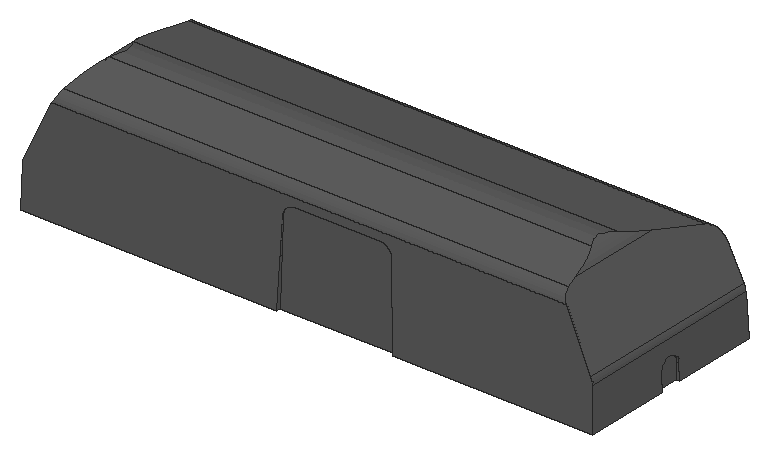
Revit family "Access_Controller-Vicon-VAX-Control_Box", category Security Devices, host Face, Revit 2014
Parameters (values of type "VAX-1D-REX")
  Width = 10.23622"  # constant formula
  Weight = 0.90 lbf
  Watts = 20 W
  Voltage Range = "PoE, 12-24VDC"
  Voltage = 12 V
  URL = "http://www.vicon-security.com"
  Product Page URL = "http://www.vicon-security.com/ad9dfb95-f7e1-4325-9af5-f3e19e84248f/products-access-control-sw-hw-display.htm"
  Product Documentation Link = "http://www.vicon-security.com/Collateral/Documents/English-US/Products/specifications/AccessControl/VAX-DoorControl_datasheet.pdf"
  Power Factor = 1
  Operating Temperature = "32 to 122 Degrees Fahrenheit"
  Operating Humidity = "10% to 90% relative, non-condensing"
  Number of Poles = 1
  Model = "VAX-1D-REX"
  Manufacturer = "Vicon Industries"
  Load Classification = Power
  Housing Material = Metal - Vicon - Cast Aluminum - Black
  Height = 3.46457"  # constant formula
  Description = "Vicon Single Door Access Control Box with integrated PIR/REX"
  Depth = 2.33465"  # constant formula
  Default Elevation = 48"
  Connector Type = "802.3af PoE/PoE+"
  Connector Description = "Connector for Electrical Power"
  Assembly Code = "E1010110"
  Apparent Load = Watts  # 20 VA
Types (4): name | Operating Humidity | Model | Description
  VAX-1D-REX | "10% to 90% relative, non-condensing" | "VAX-1D-REX" | "Vicon Single Door Access Control Box with integrated PIR/REX"
  VAX-2D | "10% to 90% relative humidity, non-condensing" | "VAX-2D" | "Vicon Two Door Access Control Box without integrated PIR/REX"
  VAX-2D-REX | "10% to 90% relative, non-condensing" | "VAX-2D-REX" | "Vicon Two Door Access Control Box with integrated PIR/REX"
  VAX-1D | "10% to 90% relative, non-condensing" | "VAX-1D" | "Vicon Single Door Access Control Box without integrated PIR/REX"
Reference planes (in)
  plane 1 "Center (Front/Back)": y = 0
  plane 2: z = 0
  plane 3 "Center (Left/Right)": x = 0
  plane 4: x = -5.11811
  plane 5: x = 5.11811
  plane 6: z = 2.33465
  plane 7: y = 1.73228
  plane 8: y = -1.73228
  plane 9: x = 0.02756
  plane 10: z = 1.49606
  plane 11: x = 5.04478
  plane 12: x = -5.04478
Forms (in)
  Extrusion 1, solid, material "Metal - Vicon - Cast Aluminum - Black" <- "Housing Material", detail levels medium+fine
    sketch origin (0, 0, 0) x (0, 1, 0) y (0, 0, 1)
      loop
        line (1.73228, 0) -> (1.68027, 1.48949)
        arc (1.68027, 1.48949) -> (1.59042, 1.69894) -> (1.39913, 1.82282) r 0.39137
        line (1.39913, 1.82282) -> (-0.18711, 2.27767)
        arc (-0.18711, 2.27767) -> (-0.4664, 2.32839) -> (-0.74803, 2.29288) r 0.93403
        line (-0.74803, 2.29288) -> (-1.51358, 2.04414)
        arc (-1.51358, 2.04414) -> (-1.61653, 1.97605) -> (-1.66979, 1.86469) r 0.23123
        line (-1.66979, 1.86469) -> (-1.73228, 0) -> (1.73228, 0)
    from -5.11811 to 5.11811
  Extrusion 2, void
    sketch origin (0, 0, 0.01845) x (1, 0, 0) y (0, 0, 1)
      loop
        arc (-4.47697, 2.09063) -> (-4.34598, 2.24674) -> (-4.15447, 2.31644) r 0.3937
        line (-4.15447, 2.31644) -> (-4.15447, 2.67411) -> (-5.20626, 2.67411) -> (-5.20626, -0.04141) -> (-5.11131, -0.04141) -> (-5.08412, 0.73715)
        arc (-5.08412, 0.73715) -> (-5.07402, 0.80072) -> (-5.05052, 0.86065) r 0.29846
        line (-5.05052, 0.86065) -> (-4.47697, 2.09063)
      loop
        line (4.47697, 2.09063) -> (5.05052, 0.86065)
        arc (5.05052, 0.86065) -> (5.07402, 0.80072) -> (5.08412, 0.73715) r 0.29846
        line (5.08412, 0.73715) -> (5.11131, -0.04141) -> (5.20626, -0.04141) -> (5.20626, 2.67411) -> (4.15447, 2.67411) -> (4.15447, 2.31644)
        arc (4.15447, 2.31644) -> (4.34598, 2.24674) -> (4.47697, 2.09063) r 0.3937
    from -1.73228 to 1.73228
  Extrusion 3, void
    sketch origin (0, 0, 0) x (1, 0, 0) y (0, 0, 1)
      loop
        line (-3.2921, 0) -> (-3.23159, 0)
        arc (-3.23159, 0) -> (-3.22753, 0.33594) -> (-3.24534, 0.67143) r 5.15902
        line (-3.24534, 0.67143) -> (-3.27835, 0.67143)
        arc (-3.27835, 0.67143) -> (-3.29616, 0.33594) -> (-3.2921, 0) r 5.15902
      loop
        line (-3.14742, 0) -> (-3.0869, 0)
        arc (-3.0869, 0) -> (-3.08284, 0.33594) -> (-3.10066, 0.67143) r 5.15902
        line (-3.10066, 0.67143) -> (-3.13366, 0.67143)
        arc (-3.13366, 0.67143) -> (-3.15148, 0.33594) -> (-3.14742, 0) r 5.15902
      loop
        line (-3.00658, 0) -> (-2.94606, 0)
        arc (-2.94606, 0) -> (-2.942, 0.33594) -> (-2.95982, 0.67143) r 5.15902
        line (-2.95982, 0.67143) -> (-2.99282, 0.67143)
        arc (-2.99282, 0.67143) -> (-3.01064, 0.33594) -> (-3.00658, 0) r 5.15902
      loop
        line (-2.86189, 0) -> (-2.80138, 0)
        arc (-2.80138, 0) -> (-2.79732, 0.33594) -> (-2.81513, 0.67143) r 5.15902
        line (-2.81513, 0.67143) -> (-2.84814, 0.67143)
        arc (-2.84814, 0.67143) -> (-2.86595, 0.33594) -> (-2.86189, 0) r 5.15902
      loop
        arc (3.2921, 0) -> (3.29616, 0.33594) -> (3.27835, 0.67143) r 5.15902
        line (3.27835, 0.67143) -> (3.24534, 0.67143)
        arc (3.24534, 0.67143) -> (3.22753, 0.33594) -> (3.23159, 0) r 5.15902
        line (3.23159, 0) -> (3.2921, 0)
      loop
        arc (3.14742, 0) -> (3.15148, 0.33594) -> (3.13366, 0.67143) r 5.15902
        line (3.13366, 0.67143) -> (3.10066, 0.67143)
        arc (3.10066, 0.67143) -> (3.08284, 0.33594) -> (3.0869, 0) r 5.15902
        line (3.0869, 0) -> (3.14742, 0)
      loop
        arc (3.00658, 0) -> (3.01064, 0.33594) -> (2.99282, 0.67143) r 5.15902
        line (2.99282, 0.67143) -> (2.95982, 0.67143)
        arc (2.95982, 0.67143) -> (2.942, 0.33594) -> (2.94606, 0) r 5.15902
        line (2.94606, 0) -> (3.00658, 0)
      loop
        arc (2.86189, 0) -> (2.86595, 0.33594) -> (2.84814, 0.67143) r 5.15902
        line (2.84814, 0.67143) -> (2.81513, 0.67143)
        arc (2.81513, 0.67143) -> (2.79732, 0.33594) -> (2.80138, 0) r 5.15902
        line (2.80138, 0) -> (2.86189, 0)
    from -2.06598 to -1.65796
  Extrusion 4, void
    sketch origin (0, 0, 0) x (0, 1, 0) y (0, 0, 1)
      loop
        line (0.20416, 0) -> (0.20416, 0.28481)
        arc (0.20416, 0.28481) -> (0, 0.48898) -> (-0.20416, 0.28481) r 0.20416
        line (-0.20416, 0.28481) -> (-0.20416, 0) -> (0.20416, 0)
    from 5.04478 to 5.11811
  Extrusion 5, void
    sketch origin (0, 0, 0) x (0, 1, 0) y (0, 0, -1)
      loop
        line (0.20416, 0) -> (-0.20416, 0) -> (-0.20416, -0.28481)
        arc (-0.20416, -0.28481) -> (0, -0.48898) -> (0.20416, -0.28481) r 0.20416
        line (0.20416, -0.28481) -> (0.20416, 0)
    from 5.04478 to 5.11811
  Extrusion 6, solid, material "Metal - Vicon - Cast Aluminum - Black" <- "Housing Material", detail levels coarse
    sketch origin (0, 0, 0) x (1, 0, 0) y (0, 0, 1)
      loop
        line (-5.11811, 2.33465) -> (-5.11811, 0) -> (5.11811, 0) -> (5.11811, 2.33465) -> (-5.11811, 2.33465)
    from -1.73228 to 1.73228
  Extrusion 7, void
    sketch origin (0, 0, 0) x (1, 0, 0) y (0, 0, 1)
      loop
        line (-0.52485, 0) -> (1.53937, 0) -> (1.48736, 1.48949)
        arc (1.48736, 1.48949) -> (1.41983, 1.65254) -> (1.25678, 1.72007) r 0.23057
        line (1.25678, 1.72007) -> (-0.24227, 1.72007)
        arc (-0.24227, 1.72007) -> (-0.40531, 1.65254) -> (-0.47284, 1.48949) r 0.23057
        line (-0.47284, 1.48949) -> (-0.52485, 0)
    from 1.67014 to 1.73228
Cuts and joins
  Extrusion 2, Extrusion 3, Extrusion 4, Extrusion 5, Extrusion 7 cuts Extrusion 1
Lines and regions (in)
  Masking region 1, detail levels coarse
    outline origin (0, 0, 0) x (1, 0, 0) y (0, 0, 1)
      loop
        line (5.11811, 2.33465) -> (-5.11811, 2.33465) -> (-5.11811, 0) -> (5.11811, 0) -> (5.11811, 2.33465)
  Masking region 2, detail levels medium+fine
    outline origin (0, 0, 0) x (1, 0, 0) y (0, 0, 1)
      loop
        arc (5.08412, 0.7556) -> (5.07402, 0.81918) -> (5.05052, 0.87911) r 0.29846
        line (5.05052, 0.87911) -> (4.47697, 2.10908)
        arc (4.47697, 2.10908) -> (4.34711, 2.2644) -> (4.15724, 2.33465) r 0.3937
        line (4.15724, 2.33465) -> (-4.15724, 2.33465)
        arc (-4.15724, 2.33465) -> (-4.34711, 2.2644) -> (-4.47697, 2.10908) r 0.3937
        line (-4.47697, 2.10908) -> (-5.05052, 0.87911)
        arc (-5.05052, 0.87911) -> (-5.07402, 0.81918) -> (-5.08412, 0.7556) r 0.29846
        line (-5.08412, 0.7556) -> (-5.11051, 0) -> (5.11051, 0) -> (5.08412, 0.7556)
  model lines, style "Housing", detail levels medium+fine
    curve 1: circle (0, -1.67014, 1.49606) r 0.21555 normal (0, -1, 0)
    curve 2: circle (0, -1.67014, 1.49606) r 0.20675 normal (0, -1, 0)
    curve 3: circle (1.16763, -1.67014, 1.49606) r 0.13668 normal (0, -1, 0)
    curve 4: circle (1.16763, -1.67014, 1.49606) r 0.1273 normal (0, -1, 0)
    curve 5: circle (0.81613, -1.67014, 1.49606) r 0.13668 normal (0, -1, 0)
    curve 6: circle (0.81613, -1.67014, 1.49606) r 0.1273 normal (0, -1, 0)
    curve 7: line (0.79948, -1.67014, 0.93012) -> (1.19318, -1.67014, 0.93012)
    curve 8: arc (1.19318, -1.67014, 0.93012) -> (1.24028, -1.67014, 0.88302) -> (1.19318, -1.67014, 0.83592) r 0.0471
    curve 9: line (0.79948, -1.67014, 0.83592) -> (1.19318, -1.67014, 0.83592)
    curve 10: arc (0.79948, -1.67014, 0.93012) -> (0.75238, -1.67014, 0.88302) -> (0.79948, -1.67014, 0.83592) r 0.0471
    curve 11: line (0.79948, -1.67014, 0.7909) -> (1.19318, -1.67014, 0.7909)
    curve 12: arc (1.19318, -1.67014, 0.7909) -> (1.24028, -1.67014, 0.74379) -> (1.19318, -1.67014, 0.69669) r 0.0471
    curve 13: line (0.79948, -1.67014, 0.69669) -> (1.19318, -1.67014, 0.69669)
    curve 14: arc (0.79948, -1.67014, 0.7909) -> (0.75238, -1.67014, 0.74379) -> (0.79948, -1.67014, 0.69669) r 0.0471
    curve 15: line (0.79948, -1.67014, 0.65172) -> (1.19318, -1.67014, 0.65172)
    curve 16: arc (1.19318, -1.67014, 0.65172) -> (1.24028, -1.67014, 0.60462) -> (1.19318, -1.67014, 0.55752) r 0.0471
    curve 17: line (0.79948, -1.67014, 0.55752) -> (1.19318, -1.67014, 0.55752)
    curve 18: arc (0.79948, -1.67014, 0.65172) -> (0.75238, -1.67014, 0.60462) -> (0.79948, -1.67014, 0.55752) r 0.0471
    curve 19: line (-5.04478, 0.11811, 0.28353) -> (-5.04478, -0.11811, 0.28353)
    curve 20: line (-5.04478, 0, 0.40164) -> (-5.04478, 0, 0.16542)
    curve 21: circle (-5.04478, 0, 0.28353) r 0.1851 normal (-1, 0, 0)
    curve 22: line (5.04478, 0, 0.40164) -> (5.04478, 0, 0.16542)
    curve 23: line (5.04478, 0.15133, 0.28353) -> (5.04478, -0.15133, 0.28353)
    curve 24: circle (5.04478, 0, 0.28353) r 0.1851 normal (-1, 0, 0)
  symbolic lines, style "Housing", detail levels fine
    curve 25: arc (3.2921, 0, 0) -> (3.29616, 0, 0.33594) -> (3.27835, 0, 0.67143) r 5.15902
    curve 26: line (3.27835, 0, 0.67143) -> (3.24534, 0, 0.67143)
    curve 27: arc (3.24534, 0, 0.67143) -> (3.22753, 0, 0.33594) -> (3.23159, 0, 0) r 5.15902
    curve 28: arc (3.14742, 0, 0) -> (3.15148, 0, 0.33594) -> (3.13366, 0, 0.67143) r 5.15902
    curve 29: line (3.13366, 0, 0.67143) -> (3.10066, 0, 0.67143)
    curve 30: arc (3.10066, 0, 0.67143) -> (3.08284, 0, 0.33594) -> (3.0869, 0, 0) r 5.15902
    curve 31: arc (3.00658, 0, 0) -> (3.01064, 0, 0.33594) -> (2.99282, 0, 0.67143) r 5.15902
    curve 32: line (2.99282, 0, 0.67143) -> (2.95982, 0, 0.67143)
    curve 33: arc (2.95982, 0, 0.67143) -> (2.942, 0, 0.33594) -> (2.94606, 0, 0) r 5.15902
    curve 34: arc (2.86189, 0, 0) -> (2.86595, 0, 0.33594) -> (2.84814, 0, 0.67143) r 5.15902
    curve 35: line (2.84814, 0, 0.67143) -> (2.81513, 0, 0.67143)
    curve 36: arc (2.81513, 0, 0.67143) -> (2.79732, 0, 0.33594) -> (2.80138, 0, 0) r 5.15902
    curve 37: arc (-2.80138, 0, 0) -> (-2.79732, 0, 0.33594) -> (-2.81513, 0, 0.67143) r 5.15902
    curve 38: arc (-2.84814, 0, 0.67143) -> (-2.86595, 0, 0.33594) -> (-2.86189, 0, 0) r 5.15902
    curve 39: line (-2.81513, 0, 0.67143) -> (-2.84814, 0, 0.67143)
    curve 40: arc (-2.94606, 0, 0) -> (-2.942, 0, 0.33594) -> (-2.95982, 0, 0.67143) r 5.15902
    curve 41: line (-2.95982, 0, 0.67143) -> (-2.99282, 0, 0.67143)
    curve 42: arc (-2.99282, 0, 0.67143) -> (-3.01064, 0, 0.33594) -> (-3.00658, 0, 0) r 5.15902
    curve 43: arc (-3.0869, 0, 0) -> (-3.08284, 0, 0.33594) -> (-3.10066, 0, 0.67143) r 5.15902
    curve 44: line (-3.10066, 0, 0.67143) -> (-3.13366, 0, 0.67143)
    curve 45: arc (-3.13366, 0, 0.67143) -> (-3.15148, 0, 0.33594) -> (-3.14742, 0, 0) r 5.15902
    curve 46: arc (-3.23159, 0, 0) -> (-3.22753, 0, 0.33594) -> (-3.24534, 0, 0.67143) r 5.15902
    curve 47: line (-3.24534, 0, 0.67143) -> (-3.27835, 0, 0.67143)
    curve 48: arc (-3.27835, 0, 0.67143) -> (-3.29616, 0, 0.33594) -> (-3.2921, 0, 0) r 5.15902
Dimensions and locks (in)
  equal spacing: plane 5, plane 3 "Center (Left/Right)", plane 4
  "Width": plane 5 to plane 4
  "Depth": plane 6 to level
  equal spacing: plane 7, plane 1 "Center (Front/Back)", plane 8
  "Height": plane 7 to plane 8
  Extrusion 3 to plane 7 to Extrusion 3 = 0.3337" locked, 0.07432" locked
  Extrusion 4 sketch curve to plane 1 "Center (Front/Back)" to Extrusion 4 sketch curve = 0.20416" locked, 0.20416" locked
  Extrusion 4 sketch curve to Extrusion 4 sketch curve to Extrusion 4 sketch curve to plane 2 = 0.20416" locked, 0" locked, 0.28481" locked
  locked: cut or joined group of Extrusion 1, Extrusion 2, Extrusion 3, Extrusion 4, Extrusion 5, Extrusion 7 to plane 8 at 0.06214
  locked: plane 9 to plane 5 at 5.09055
  locked: plane 10 to level at 1.49606
  curve 8 to curve 12 to curve 16 to curve 17 to curve 16 to curve 13 to curve 12 to curve 9 to curve 8 to curve 4 to curve 3 to curve 10 to curve 10 to curve 14 to curve 14 to curve 18 to curve 18 to curve 10 to curve 14 to curve 18 to curve 6 to curve 5 to plane 3 "Center (Left/Right)" to curve 2 to curve 1 = 0" locked, 0" locked, 0.0471" locked, 0" locked, 0" locked, 0" locked, 0" locked, 0" locked, 0.15285" locked, 0.00938" locked, 0.23147" locked, 0" locked, 0" locked, 0" locked, 0" locked, 0" locked, 0.0471" locked, 0" locked, 0" locked, 0.06355" locked, 0.00938" locked, 0.67945" locked, 0.20675" locked, 0.0088" locked
  curve 1 to curve 2 to curve 5 to curve 3 to curve 6 to curve 4 to plane 10 to curve 6 to curve 4 to curve 5 to curve 3 to curve 2 to curve 1 = 0.0088" locked, 0.07007" locked, 0" locked, 0.00938" locked, 0" locked, 0.1273" locked, 0.1273" locked, 0" locked, 0.00938" locked, 0" locked, 0.07007" locked, 0.0088" locked
  plane 10 to curve 7 to curve 9 to curve 11 to curve 13 to curve 15 to curve 17 = 0.56594" locked, 0.0942" locked, 0.04502" locked, 0.0942" locked, 0.04497" locked, 0.0942" locked
  curve 21 to plane 1 "Center (Front/Back)" to curve 21 = 0.1851", 0.1851"
  curve 19 to curve 20 to plane 1 "Center (Front/Back)" to curve 19 = 0.11811" locked, 0" locked, 0.11811" locked
  curve 20 to curve 19 to curve 20 to curve 21 to plane 2 = 0.11811" locked, 0.11811" locked, 0.06699" locked, 0.09842" locked
  Extrusion 5 sketch curve to plane 1 "Center (Front/Back)" to Extrusion 5 sketch curve = 0.20416" locked, 0.20416" locked
  Extrusion 5 sketch curve to Extrusion 5 sketch curve to Extrusion 5 sketch curve to plane 2 = 0.20416" locked, 0" locked, 0.28481" locked
  curve 22 to curve 23 to curve 22 = 0.11811" locked, 0.11811" locked
  Extrusion 1 sketch curve to Extrusion 1 sketch curve to Extrusion 1 sketch curve to Extrusion 1 sketch curve to Extrusion 1 sketch curve to Extrusion 1 sketch curve to plane 2 to Extrusion 1 sketch curve = 0.01522" locked, 0.23353" locked, 0.17945" locked, 0.04187" locked, 0.33332" locked, 1.48949" locked, 0" locked
  Extrusion 1 sketch curve to Extrusion 1 sketch curve to Extrusion 1 sketch curve to plane 1 "Center (Front/Back)" to Extrusion 1 sketch curve to Extrusion 1 sketch curve to Extrusion 1 sketch curve to Extrusion 1 sketch curve to Extrusion 1 sketch curve = 0.05201" locked, 0.28114" locked, 1.39913" locked, 0.18711" locked, 0.56092" locked, 0.76555" locked, 0.15621" locked, 1/16" locked
  Extrusion 2 sketch curve to Extrusion 2 sketch curve to Extrusion 2 sketch curve to Extrusion 2 sketch curve to Extrusion 2 sketch curve to plane 4 to Extrusion 2 sketch curve = 0.3225" locked, 0.57355" locked, 0.03361" locked, 0.02719" locked, 0.0068" locked, 0.08815" locked
  Extrusion 2 sketch curve to Extrusion 2 sketch curve to Extrusion 2 sketch curve to Extrusion 2 sketch curve to Extrusion 2 sketch curve to plane 2 to Extrusion 2 sketch curve = 0.35767" locked, 0.22582" locked, 1.22997" locked, 0.1235" locked, 0.7556" locked, 0.02296" locked  (x2)
  Extrusion 2 sketch curve to Extrusion 2 sketch curve to Extrusion 2 sketch curve to Extrusion 2 sketch curve to Extrusion 2 sketch curve to plane 5 to Extrusion 2 sketch curve = 0.3225" locked, 0.57355" locked, 0.03361" locked, 0.02719" locked, 0.0068" locked, 0.08815" locked
  locked: plane 5 to plane 11 at 0.07333
  locked: plane 12 to plane 4 at 0.07333
  plane 2 to Extrusion 3 sketch curve to Extrusion 3 sketch curve to Extrusion 3 sketch curve to Extrusion 3 sketch curve to Extrusion 3 sketch curve to Extrusion 3 sketch curve to Extrusion 3 sketch curve to Extrusion 3 sketch curve = 0.67143" locked, 0" locked, 0" locked, 0" locked, 0" locked, 0" locked, 0" locked, 0" locked
  Extrusion 3 sketch curve to Extrusion 3 sketch curve to Extrusion 3 sketch curve to Extrusion 3 sketch curve to Extrusion 3 sketch curve to Extrusion 3 sketch curve to Extrusion 3 sketch curve to Extrusion 3 sketch curve to plane 3 "Center (Left/Right)" = 0.0708" locked, 0.07389" locked, 0.0708" locked, 0.07004" locked, 0.0708" locked, 0.07389" locked, 0.0708" locked, 2.79624" locked
  plane 3 "Center (Left/Right)" to Extrusion 3 sketch curve to Extrusion 3 sketch curve to Extrusion 3 sketch curve to Extrusion 3 sketch curve to Extrusion 3 sketch curve to Extrusion 3 sketch curve to Extrusion 3 sketch curve to Extrusion 3 sketch curve = 2.79624" locked, 0.0708" locked, 0.07389" locked, 0.0708" locked, 0.07004" locked, 0.0708" locked, 0.07389" locked, 0.0708" locked
  aligned and locked: plane 2 to host face
  aligned and locked: level to host face
  aligned and locked: Extrusion 1 to plane 4
  aligned and locked: Extrusion 1 to plane 5
  aligned and locked: plane 7 to Extrusion 2
  aligned and locked: plane 8 to Extrusion 2
  aligned and locked: Extrusion 4 sketch curve to host face
  aligned and locked: Extrusion 4 to plane 5
  aligned and locked: Extrusion 5 to plane 4
  aligned and locked: Extrusion 6 sketch curve to plane 4
  aligned and locked: Extrusion 6 sketch curve to plane 6
  aligned and locked: Extrusion 6 sketch curve to plane 5
  aligned and locked: Extrusion 6 sketch curve to plane 2
  aligned and locked: plane 7 to Extrusion 6
  aligned and locked: plane 8 to Extrusion 6
  aligned and locked: plane 8 to Extrusion 7
  aligned and locked: curve 20 to curve 22
  aligned and locked: curve 23 to curve 19
  aligned and locked: curve 24 to curve 21
  aligned and locked: Extrusion 5 sketch curve to plane 2
  aligned and locked: cut or joined group of Extrusion 1, Extrusion 2, Extrusion 3, Extrusion 4, Extrusion 5, Extrusion 7 to plane 11
  aligned and locked: Extrusion 5 to plane 12
  aligned and locked: Extrusion 3 sketch curve to plane 2  (x4)
  aligned and locked: plane 2 to Extrusion 3 sketch curve  (x4)
  aligned and locked: Masking region 2 sketch curve to cut or joined group of Extrusion 1, Extrusion 2, Extrusion 3, Extrusion 4, Extrusion 5, Extrusion 7  (x8)
  aligned and locked: plane 6 to Masking region 2 sketch curve
  aligned and locked: curve 25 to cut or joined group of Extrusion 1, Extrusion 2, Extrusion 3, Extrusion 4, Extrusion 5, Extrusion 7
  aligned and locked: curve 26 to cut or joined group of Extrusion 1, Extrusion 2, Extrusion 3, Extrusion 4, Extrusion 5, Extrusion 7
  aligned and locked: curve 27 to cut or joined group of Extrusion 1, Extrusion 2, Extrusion 3, Extrusion 4, Extrusion 5, Extrusion 7
  aligned and locked: curve 28 to cut or joined group of Extrusion 1, Extrusion 2, Extrusion 3, Extrusion 4, Extrusion 5, Extrusion 7
  aligned and locked: curve 29 to cut or joined group of Extrusion 1, Extrusion 2, Extrusion 3, Extrusion 4, Extrusion 5, Extrusion 7
  aligned and locked: curve 30 to cut or joined group of Extrusion 1, Extrusion 2, Extrusion 3, Extrusion 4, Extrusion 5, Extrusion 7
  aligned and locked: curve 31 to cut or joined group of Extrusion 1, Extrusion 2, Extrusion 3, Extrusion 4, Extrusion 5, Extrusion 7
  aligned and locked: curve 32 to cut or joined group of Extrusion 1, Extrusion 2, Extrusion 3, Extrusion 4, Extrusion 5, Extrusion 7
  aligned and locked: curve 33 to cut or joined group of Extrusion 1, Extrusion 2, Extrusion 3, Extrusion 4, Extrusion 5, Extrusion 7
  aligned and locked: curve 34 to cut or joined group of Extrusion 1, Extrusion 2, Extrusion 3, Extrusion 4, Extrusion 5, Extrusion 7
  aligned and locked: curve 35 to cut or joined group of Extrusion 1, Extrusion 2, Extrusion 3, Extrusion 4, Extrusion 5, Extrusion 7
  aligned and locked: curve 36 to cut or joined group of Extrusion 1, Extrusion 2, Extrusion 3, Extrusion 4, Extrusion 5, Extrusion 7
  aligned and locked: curve 37 to cut or joined group of Extrusion 1, Extrusion 2, Extrusion 3, Extrusion 4, Extrusion 5, Extrusion 7
  aligned and locked: curve 38 to cut or joined group of Extrusion 1, Extrusion 2, Extrusion 3, Extrusion 4, Extrusion 5, Extrusion 7
  aligned and locked: curve 39 to cut or joined group of Extrusion 1, Extrusion 2, Extrusion 3, Extrusion 4, Extrusion 5, Extrusion 7
  aligned and locked: curve 40 to cut or joined group of Extrusion 1, Extrusion 2, Extrusion 3, Extrusion 4, Extrusion 5, Extrusion 7
  aligned and locked: curve 41 to cut or joined group of Extrusion 1, Extrusion 2, Extrusion 3, Extrusion 4, Extrusion 5, Extrusion 7
  aligned and locked: curve 42 to cut or joined group of Extrusion 1, Extrusion 2, Extrusion 3, Extrusion 4, Extrusion 5, Extrusion 7
  aligned and locked: curve 43 to cut or joined group of Extrusion 1, Extrusion 2, Extrusion 3, Extrusion 4, Extrusion 5, Extrusion 7
  aligned and locked: curve 44 to cut or joined group of Extrusion 1, Extrusion 2, Extrusion 3, Extrusion 4, Extrusion 5, Extrusion 7
  aligned and locked: curve 45 to cut or joined group of Extrusion 1, Extrusion 2, Extrusion 3, Extrusion 4, Extrusion 5, Extrusion 7
  aligned and locked: curve 46 to cut or joined group of Extrusion 1, Extrusion 2, Extrusion 3, Extrusion 4, Extrusion 5, Extrusion 7
  aligned and locked: curve 47 to cut or joined group of Extrusion 1, Extrusion 2, Extrusion 3, Extrusion 4, Extrusion 5, Extrusion 7
  aligned and locked: curve 48 to cut or joined group of Extrusion 1, Extrusion 2, Extrusion 3, Extrusion 4, Extrusion 5, Extrusion 7
  aligned and locked: plane 5 to Masking region 1
  aligned and locked: Masking region 1 to plane 6
  aligned and locked: plane 4 to Masking region 1
  aligned and locked: level to Masking region 1
Automatic sketch dimensions
  host sketch curve to host sketch curve = 96"  (x2)
  Extrusion 7 sketch curve to level = 0"
  Extrusion 7 sketch curve to plane 3 "Center (Left/Right)" = 0.47284"
  Extrusion 7 sketch curve to plane 3 "Center (Left/Right)" = 0.24227"
  Extrusion 7 sketch curve to plane 6 = 0.61458"
  plane 3 "Center (Left/Right)" to Extrusion 7 sketch curve = 1.25678"
  Extrusion 7 sketch curve to plane 6 = 0.84515"
  Extrusion 7 sketch curve to plane 3 "Center (Left/Right)" = 0.52485"
  Extrusion 7 sketch curve to Extrusion 7 sketch curve = 0.05201"
  Extrusion 1 sketch curve to plane 10 = 0.10135"
  Extrusion 1 sketch curve to plane 10 = 0.04946"
  Extrusion 1 sketch curve to Extrusion 1 sketch curve = 0.04046"
  Extrusion 2 sketch curve to plane 6 = 0.39195"
  Extrusion 2 sketch curve to Extrusion 2 sketch curve = 0.03431"
  Extrusion 2 sketch curve to Extrusion 2 sketch curve = 0.01479"  (x2)
  Extrusion 3 sketch curve to Extrusion 3 sketch curve = 0.01376"  (x2)
  Extrusion 3 sketch curve to Extrusion 3 sketch curve = 0.033"  (x8)
  Extrusion 3 sketch curve to Extrusion 3 sketch curve = 0.06052"  (x8)
  Extrusion 3 sketch curve to Extrusion 3 sketch curve = 0.08417"  (x4)
  Extrusion 3 sketch curve to Extrusion 3 sketch curve = 0.11168"
  Extrusion 3 sketch curve to Extrusion 3 sketch curve = 0.08032"  (x2)
  level to Extrusion 3 sketch curve = 0.23025"  (x2)
  Extrusion 3 sketch curve to Extrusion 3 sketch curve = 0"  (x5)
  curve 23 to Extrusion 4 = 0.05284"  (x2)
  plane 11 to Masking region 2 sketch curve = 0.00574"
  Masking region 2 sketch curve to plane 6 = 0.22557"  (x2)
  curve 34 to level = 0"
  curve 33 to level = 0"
  curve 31 to level = 0"
  curve 30 to level = 0"
  curve 28 to level = 0"
  curve 27 to level = 0"
  curve 25 to level = 0"
  curve 36 to level = 0"
  curve 37 to level = 0"
  curve 38 to level = 0"
  curve 40 to level = 0"
  curve 42 to level = 0"
  curve 43 to level = 0"
  curve 45 to level = 0"
  curve 46 to level = 0"
  curve 48 to level = 0"
  Masking region 1 sketch curve to plane 4 = 0"
  Masking region 1 sketch curve to level = 0"
  plane 6 to Masking region 1 sketch curve = 0"
  Masking region 1 sketch curve to plane 5 = 0"
Connectors (in)
  electrical at (0.04227, 0.98832, 0), driven by "Number of Poles", driven by "Load Classification", driven by "Voltage", driven by "Apparent Load", driven by "Power Factor", driven by "Connector Description"
    settings: on cut or joined group of Extrusion 1, Extrusion 2, Extrusion 3, Extrusion 4, Extrusion 5, Extrusion 7, index 1, voltage 12 V, apparent load 20 VA, apparent load phase1 0 VA, apparent load phase2 0 VA, apparent load phase3 0 VA, power factor 1, load classification "Power", number of poles 1, system type 30, power factor state 1, is connector primary yes, connector utility no, sub classification motor no, connector description "Connector for Electrical Power"
